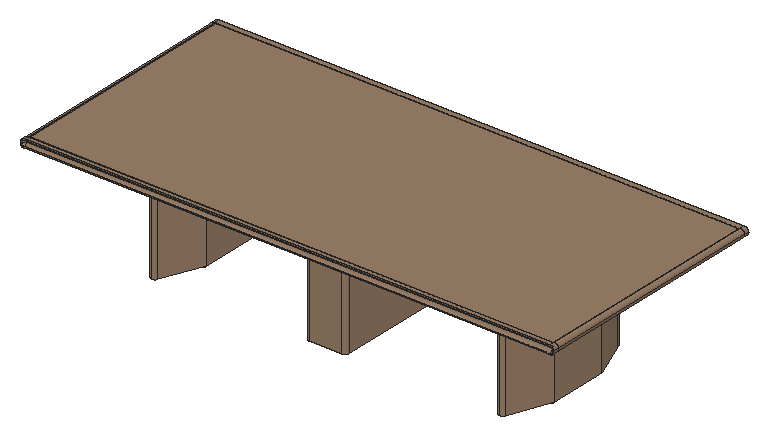
Revit family "Table-Teknion-CFTBCH_Figure_Table_Rectangular_Hexa_Panel_Base_Bullnose_Cove_Edge-R2023", category Furniture, Revit 2023 (continued)
Lines and regions (in)
  symbolic lines, style "FurnitureHiddenLines", detail levels fine
    curve 311: arc (38.59057, -7.06461, 0) -> (39.09057, -7.56461, 0) -> (39.59057, -7.06461, 0) r 0.5
    curve 312: arc (43.5, -15.5, 0) -> (43, -15, 0) -> (42.5, -15.5, 0) r 0.5
    curve 313: arc (42.5, -15.5, 0) -> (43, -16, 0) -> (43.5, -15.5, 0) r 0.5
  symbolic lines, style "FurnitureHiddenLines", visible <- "2D - Hexa Panel", detail levels fine
    curve 314: arc (-0.5, 15.5, 0) -> (0, 16, 0) -> (0.5, 15.5, 0) r 0.5
    curve 315: arc (0.5, 15.5, 0) -> (0, 15, 0) -> (-0.5, 15.5, 0) r 0.5
    curve 316: arc (-4.40943, 7.06461, 0) -> (-3.90943, 7.56461, 0) -> (-3.40943, 7.06461, 0) r 0.5
    curve 317: arc (-3.40943, 7.06461, 0) -> (-3.90943, 6.56461, 0) -> (-4.40943, 7.06461, 0) r 0.5
    curve 318: arc (3.40943, 7.06461, 0) -> (3.90943, 7.56461, 0) -> (4.40943, 7.06461, 0) r 0.5
    curve 319: arc (4.40943, 7.06461, 0) -> (3.90943, 6.56461, 0) -> (3.40943, 7.06461, 0) r 0.5
    curve 320: arc (-3.40943, -7.06461, 0) -> (-3.90943, -6.56461, 0) -> (-4.40943, -7.06461, 0) r 0.5
    curve 321: arc (-4.40943, -7.06461, 0) -> (-3.90943, -7.56461, 0) -> (-3.40943, -7.06461, 0) r 0.5
    curve 322: arc (4.40943, -7.06461, 0) -> (3.90943, -6.56461, 0) -> (3.40943, -7.06461, 0) r 0.5
    curve 323: arc (3.40943, -7.06461, 0) -> (3.90943, -7.56461, 0) -> (4.40943, -7.06461, 0) r 0.5
    curve 324: arc (0.5, -15.5, 0) -> (0, -15, 0) -> (-0.5, -15.5, 0) r 0.5
    curve 325: arc (-0.5, -15.5, 0) -> (0, -16, 0) -> (0.5, -15.5, 0) r 0.5
  symbolic lines, style "FurnitureHiddenLines", visible <- "N - No Central Base", detail levels medium+fine
    curve 326: line (39.90516, 12, 0) -> (-39.90516, 12, 0)
    curve 327: line (39.47442, 10.932, 0) -> (-39.47442, 10.932, 0)
    curve 328: line (38.69521, 9, 0) -> (-38.69521, 9, 0)
    curve 329: line (-38.26447, 7.932, 0) -> (38.26447, 7.932, 0)
    curve 330: line (38.26447, -7.932, 0) -> (-38.26447, -7.932, 0)
    curve 331: line (38.69521, -9, 0) -> (-38.69521, -9, 0)
    curve 332: line (-39.47442, -10.932, 0) -> (39.47442, -10.932, 0)
    curve 333: line (39.90516, -12, 0) -> (-39.90516, -12, 0)
  symbolic lines, style "FurnitureHiddenLines", visible <- "H - Hexa Panel", detail levels medium+fine
    curve 350: line (39.90516, 12, 0) -> (3.09484, 12, 0)
    curve 351: line (39.47442, 10.932, 0) -> (3.52558, 10.932, 0)
    curve 352: line (38.69521, 9, 0) -> (4.30479, 9, 0)
    curve 353: line (-38.26447, 7.932, 0) -> (-4.73553, 7.932, 0)
    curve 354: line (38.26447, -7.932, 0) -> (4.73553, -7.932, 0)
    curve 355: line (38.69521, -9, 0) -> (4.30479, -9, 0)
    curve 356: line (-39.47442, -10.932, 0) -> (-3.52558, -10.932, 0)
    curve 357: line (39.90516, -12, 0) -> (3.09484, -12, 0)
    curve 358: line (-3.09484, -12, 0) -> (-39.90516, -12, 0)
    curve 359: line (3.52558, -10.932, 0) -> (39.47442, -10.932, 0)
    curve 360: line (-4.30479, -9, 0) -> (-38.69521, -9, 0)
    curve 361: line (-4.73553, -7.932, 0) -> (-38.26447, -7.932, 0)
    curve 362: line (4.73553, 7.932, 0) -> (38.26447, 7.932, 0)
    curve 363: line (-4.30479, 9, 0) -> (-38.69521, 9, 0)
    curve 364: line (-3.52558, 10.932, 0) -> (-39.47442, 10.932, 0)
    curve 365: line (-3.09484, 12, 0) -> (-39.90516, 12, 0)
Dimensions and locks (in)
  "Width": plane 4 "Left" to plane 5 "Right"
  "Depth": plane 6 "Back" to plane 7 "Front"
  locked: plane 8 "Top" to level at 29
  equal spacing: plane 6 "Back", plane 1 "Center Front/Back", plane 7 "Front"
  equal spacing: plane 4 "Left", plane 3 "Center Left/Right", plane 5 "Right"
  locked: plane 6 "Back" to Sweep 1 sketch curve at 1.25
  locked: plane 7 "Front" to Sweep 1 sketch curve at 1.25
  Sweep 1 sketch curve to Sweep 1 sketch curve to plane 5 "Right" = 0.250" locked, 1.000" locked
  plane 8 "Top" to Sweep 1 sketch curve to Sweep 1 sketch curve = 1.000" locked, 1.000" locked  (x2)
  Sweep 1 sketch curve to Sweep 1 sketch curve to plane 4 "Left" = 0.250" locked, 1.000" locked
  locked: plane 8 "Top" to Sweep 2 sketch curve at 2
  locked: plane 4 "Left" to Sweep 2 sketch curve at 1.25
  locked: plane 6 "Back" to Sweep 2 sketch curve at 1.25
  locked: plane 7 "Front" to Sweep 2 sketch curve at 1.25
  locked: Sweep 2 sketch curve to plane 5 "Right" at 1.25
  plane 8 "Top" to Sweep 3 sketch curve to Sweep 3 sketch curve = 1.500" locked, 1.000" locked
  locked: plane 4 "Left" to Sweep 3 sketch curve at 6
  locked: plane 7 "Front" to Sweep 3 sketch curve at 6
  locked: plane 6 "Back" to Sweep 3 sketch curve at 6
  locked: Sweep 3 sketch curve to plane 5 "Right" at 6
  Sweep 4 sketch curve to Sweep 4 sketch curve to plane 8 "Top" = 0.750" locked, 1.500" locked
  locked: plane 4 "Left" to Sweep 4 sketch curve at 8
  locked: Sweep 4 sketch curve to plane 5 "Right" at 8
  locked: plane 6 "Back" to Sweep 4 sketch curve at 8
  locked: plane 7 "Front" to Sweep 4 sketch curve at 8
  locked: plane 4 "Left" to Sweep 5 sketch curve at 23
  locked: Sweep 5 sketch curve to plane 5 "Right" at 23
  Sweep 5 sketch curve to Sweep 5 sketch curve to Sweep 5 sketch curve to Sweep 5 sketch curve = 1.068" locked, 1.932" locked, 1.068" locked  (x2)
  plane 8 "Top" to Sweep 5 sketch curve to Sweep 5 sketch curve = 2.250" locked, 8.000" locked
  Sweep 6 sketch curve to Sweep 6 sketch curve to plane 8 "Top" = 14.000" locked, 2.000" locked
  locked: plane 4 "Left" to plane 9 at 23
  locked: plane 10 to plane 5 "Right" at 23
  "Dim 1": plane 9 to plane 11
  "Dim 1": plane 12 to plane 10
  locked: Sweep 7 sketch curve to plane 2 at 14
  "Cut - Central Base - Hexa": Sweep 7 sketch curve to Sweep 7 sketch curve
  Sweep 7 sketch curve to Sweep 7 sketch curve to plane 3 "Center Left/Right" to Sweep 7 sketch curve to Sweep 7 sketch curve = 2.31906" locked, 2.68094" locked, 2.68094" locked, 2.31906" locked  (x2)
  plane 7 "Front" to Sweep 7 sketch curve to Sweep 7 sketch curve = 16.97375" locked, 5.750" locked
  plane 6 "Back" to Sweep 7 sketch curve to Sweep 7 sketch curve = 16.97375" locked, 5.750" locked
  locked: plane 7 "Front" to Sweep 8 sketch curve at 1.25
  locked: Sweep 8 sketch curve to plane 4 "Left" at 1
  locked: plane 8 "Top" to Sweep 8 sketch curve at 2
  locked: Sweep 8 sketch curve to plane 5 "Right" at 1
  locked: plane 6 "Back" to Sweep 9 sketch curve at 1.25
  locked: plane 8 "Top" to Sweep 9 sketch curve at 2
  locked: Sweep 9 sketch curve to plane 5 "Right" at 1
  locked: Sweep 9 sketch curve to plane 4 "Left" at 1
  equal spacing: plane 4 "Left", plane 13, plane 14, plane 5 "Right"
  locked: plane 8 "Top" to plane 15 at 1
  plane 4 "Left" to Revolve 10 sketch curve to Revolve 10 sketch curve = 0.1875" locked, 0.8125" locked
  Revolve 10 sketch curve to Revolve 10 sketch curve to plane 5 "Right" = 0.8125" locked, 0.1875" locked
  locked: plane 7 "Front" to Revolve 10 sketch curve at 0.8125
  locked: plane 6 "Back" to Revolve 11 sketch curve at 0.8125
  plane 4 "Left" to Revolve 11 sketch curve to Revolve 11 sketch curve = 0.1875" locked, 0.8125" locked
  Revolve 11 sketch curve to Revolve 11 sketch curve to plane 5 "Right" = 0.8125" locked, 0.1875" locked
  locked: plane 8 "Top" to Sweep 12 sketch curve at 5.5
  "Cut - WK - 2 & 3 AF": Sweep 12 sketch curve to Sweep 12 sketch curve
  Sweep 12 sketch curve to Sweep 12 sketch curve to plane 11 to Sweep 12 sketch curve to Sweep 12 sketch curve = 0.500" locked, 8.25004" locked, 8.24996" locked, 0.500" locked
  Sweep 12 sketch curve to Sweep 12 sketch curve to plane 1 "Center Front/Back" to Sweep 12 sketch curve to Sweep 12 sketch curve = 0.500" locked, 3.250" locked, 3.250" locked, 0.500" locked  (x2)
  Sweep 12 sketch curve to Sweep 12 sketch curve to plane 12 to Sweep 12 sketch curve to Sweep 12 sketch curve = 0.500" locked, 8.25004" locked, 8.24996" locked, 0.500" locked
  locked: plane 8 "Top" to Sweep 13 sketch curve at 5.5
  "Cut - WK - 1 & 3 AF": Sweep 13 sketch curve to Sweep 13 sketch curve
  Sweep 13 sketch curve to Sweep 13 sketch curve to plane 3 "Center Left/Right" to Sweep 13 sketch curve to Sweep 13 sketch curve = 0.500" locked, 8.250" locked, 8.250" locked, 0.500" locked
  Sweep 13 sketch curve to Sweep 13 sketch curve to plane 1 "Center Front/Back" to Sweep 13 sketch curve to Sweep 13 sketch curve = 0.500" locked, 3.250" locked, 3.250" locked, 0.500" locked
  locked: Sweep 14 sketch curve to plane 8 "Top" at 2.5
  "Cut - WK - 2 & 3 AF": Sweep 14 sketch curve to Sweep 14 sketch curve
  Sweep 14 sketch curve to Sweep 14 sketch curve to plane 11 to Sweep 14 sketch curve to Sweep 14 sketch curve = 0.3937" locked, 5.52367" locked, 5.52358" locked, 0.3937" locked
  Sweep 14 sketch curve to Sweep 14 sketch curve to plane 1 "Center Front/Back" to Sweep 14 sketch curve to Sweep 14 sketch curve = 0.3937" locked, 2.29921" locked, 2.29921" locked, 0.3937" locked  (x2)
  Sweep 14 sketch curve to Sweep 14 sketch curve to plane 12 to Sweep 14 sketch curve to Sweep 14 sketch curve = 0.3937" locked, 5.52358" locked, 5.52367" locked, 0.3937" locked
  locked: Sweep 15 sketch curve to plane 8 "Top" at 2.5
  "Cut - WK - 1 & 3 AF": Sweep 15 sketch curve to Sweep 15 sketch curve
  Sweep 15 sketch curve to Sweep 15 sketch curve to plane 1 "Center Front/Back" to Sweep 15 sketch curve to Sweep 15 sketch curve = 0.3937" locked, 2.29921" locked, 2.29921" locked, 0.3937" locked
  Sweep 15 sketch curve to Sweep 15 sketch curve to plane 3 "Center Left/Right" to Sweep 15 sketch curve to Sweep 15 sketch curve = 0.3937" locked, 5.52362" locked, 5.52362" locked, 0.3937" locked
  "Cut - Central Base - Softened": Sweep 16 sketch curve to Sweep 16 sketch curve
  locked: plane 8 "Top" to Sweep 16 sketch curve at 14
  Sweep 16 sketch curve to plane 1 "Center Front/Back" to Sweep 16 sketch curve = 13.93709" locked, 13.93709" locked
  Sweep 16 sketch curve to plane 3 "Center Left/Right" to Sweep 16 sketch curve = 5.000" locked, 5.000" locked
  "Dim 2": plane 7 "Front" to Sweep 5 sketch curve
  "Dim 2": Sweep 5 sketch curve to plane 6 "Back"
  "Dim 2": plane 6 "Back" to Sweep 6 sketch curve
  locked: Sweep 6 sketch curve to Sweep 6 sketch curve at 4.068  (x4)
  plane 9 to Sweep 6 sketch curve to Sweep 6 sketch curve = 3.09484" locked, 1.64068" locked  (x2)
  "Dim 2": Sweep 6 sketch curve to plane 7 "Front"
  plane 10 to Sweep 6 sketch curve to Sweep 6 sketch curve = 3.09484" locked, 1.64068" locked  (x2)
  "Dim 2": Sweep 6 sketch curve to plane 6 "Back"
  "Dim 2": plane 7 "Front" to Sweep 6 sketch curve
  aligned and locked: level to plane 2
  aligned and locked: Sweep 1 sketch curve to plane 3 "Center Left/Right"
  aligned and locked: Sweep 1 sketch curve to plane 8 "Top"
  aligned and locked: plane 8 "Top" to Sweep 1 sketch curve
  aligned and locked: Sweep 2 sketch curve to plane 3 "Center Left/Right"
  aligned and locked: plane 8 "Top" to Sweep 2 sketch curve
  aligned and locked: Sweep 3 sketch curve to plane 3 "Center Left/Right"
  aligned and locked: Sweep 4 sketch curve to plane 3 "Center Left/Right"
  aligned and locked: plane 1 "Center Front/Back" to Sweep 5 sketch curve
  aligned and locked: Sweep 5 sketch curve to Sweep 5 sketch curve  (x2)
  aligned and locked: Sweep 6 sketch curve to plane 3 "Center Left/Right"
  aligned and locked: plane 1 "Center Front/Back" to nested 1
  aligned and locked: plane 1 "Center Front/Back" to nested 2
  aligned and locked: plane 9 to nested 2
  aligned and locked: nested 1 to plane 10
  aligned and locked: plane 3 "Center Left/Right" to nested 3
  aligned and locked: plane 1 "Center Front/Back" to nested 3
  aligned and locked: nested 3 to Sweep 7 sketch curve
  aligned and locked: plane 3 "Center Left/Right" to Sweep 8 sketch curve
  aligned and locked: plane 7 "Front" to Sweep 8 sketch curve
  aligned and locked: plane 8 "Top" to Sweep 8 sketch curve
  aligned and locked: plane 4 "Left" to Sweep 8 sketch curve
  aligned and locked: plane 5 "Right" to Sweep 8 sketch curve
  aligned and locked: Sweep 9 sketch curve to plane 3 "Center Left/Right"
  aligned and locked: plane 6 "Back" to Sweep 9 sketch curve
  aligned and locked: plane 8 "Top" to Sweep 9 sketch curve
  aligned and locked: plane 5 "Right" to Sweep 9 sketch curve
  aligned and locked: plane 4 "Left" to Sweep 9 sketch curve
  aligned and locked: plane 7 "Front" to Revolve 10 sketch curve  (x2)
  aligned and locked: plane 6 "Back" to Revolve 11 sketch curve
  aligned and locked: Revolve 11 sketch curve to plane 6 "Back"
  aligned and locked: Sweep 12 sketch curve to plane 3 "Center Left/Right"
  aligned and locked: plane 3 "Center Left/Right" to Sweep 13 sketch curve
  aligned and locked: plane 11 to nested 5
  aligned and locked: plane 3 "Center Left/Right" to nested 6
  aligned and locked: nested 4 to plane 12
  aligned and locked: plane 8 "Top" to nested 5
  aligned and locked: plane 8 "Top" to nested 6
  aligned and locked: plane 8 "Top" to nested 4
  aligned and locked: Sweep 14 sketch curve to plane 3 "Center Left/Right"
  aligned and locked: plane 3 "Center Left/Right" to Sweep 15 sketch curve
  aligned and locked: plane 3 "Center Left/Right" to Sweep 16 sketch curve
  aligned and locked: plane 1 "Center Front/Back" to nested 5
  aligned and locked: plane 1 "Center Front/Back" to nested 6
  aligned and locked: plane 1 "Center Front/Back" to nested 4
  aligned and locked: plane 3 "Center Left/Right" to nested 7
  aligned and locked: plane 1 "Center Front/Back" to nested 7
  aligned and locked: Sweep 6 sketch curve to nested 2
  aligned and locked: plane 9 to Sweep 6 sketch curve
  aligned and locked: curve 1 to plane 8 "Top"
  aligned and locked: curve 4 to Sweep 1
  aligned and locked: cut or joined group of Sweep 8, Revolve 10 to plane 7 "Front"  (x2)
  aligned and locked: plane 7 "Front" to curve 2
  aligned and locked: plane 15 to curve 2
  aligned and locked: plane 7 "Front" to curve 5
  aligned and locked: plane 6 "Back" to curve 8
  aligned and locked: plane 6 "Back" to curve 7
  aligned and locked: Sweep 1 to curve 6
  aligned and locked: plane 15 to curve 9
  aligned and locked: plane 6 "Back" to curve 9
  aligned and locked: curve 10 to curve 4
  aligned and locked: curve 11 to curve 5
  aligned and locked: curve 12 to curve 3
  aligned and locked: curve 13 to curve 1
  aligned and locked: curve 14 to curve 2
  aligned and locked: curve 15 to curve 8
  aligned and locked: curve 16 to curve 6
  aligned and locked: curve 17 to curve 7
  aligned and locked: curve 18 to curve 9
  aligned and locked: curve 19 to curve 6
  aligned and locked: curve 20 to curve 7
  aligned and locked: curve 21 to curve 8
  aligned and locked: curve 22 to curve 1
  aligned and locked: curve 23 to curve 9
  aligned and locked: curve 24 to curve 3
  aligned and locked: curve 25 to curve 2
  aligned and locked: curve 26 to curve 5
  aligned and locked: curve 27 to curve 4
  aligned and locked: Sweep 14 to curve 28
  aligned and locked: curve 29 to Sweep 14
  aligned and locked: curve 30 to plane 8 "Top"
  aligned and locked: curve 31 to plane 8 "Top"
  aligned and locked: plane 4 "Left" to Masking region 1 sketch curve
  aligned and locked: plane 5 "Right" to Masking region 1 sketch curve
  aligned and locked: Masking region 1 sketch curve to plane 6 "Back"
  aligned and locked: Masking region 1 sketch curve to plane 7 "Front"
  aligned and locked: plane 5 "Right" to Masking region 2 sketch curve
  aligned and locked: plane 7 "Front" to Masking region 2 sketch curve
  aligned and locked: Masking region 2 sketch curve to plane 4 "Left"
  aligned and locked: Masking region 2 sketch curve to plane 6 "Back"
  aligned and locked: Masking region 2 sketch curve to nested 6  (x4)
  aligned and locked: Masking region 3 sketch curve to plane 6 "Back"
  aligned and locked: plane 7 "Front" to Masking region 3 sketch curve
  aligned and locked: plane 5 "Right" to Masking region 3 sketch curve
  aligned and locked: Masking region 3 sketch curve to plane 4 "Left"
  aligned and locked: Masking region 3 sketch curve to nested 5  (x4)
  aligned and locked: Masking region 3 sketch curve to nested 4  (x4)
  aligned and locked: Masking region 4 sketch curve to plane 6 "Back"
  aligned and locked: plane 7 "Front" to Masking region 4 sketch curve
  aligned and locked: plane 5 "Right" to Masking region 4 sketch curve
  aligned and locked: Masking region 4 sketch curve to plane 4 "Left"
  aligned and locked: Masking region 4 sketch curve to nested 5  (x4)
  aligned and locked: Masking region 4 sketch curve to nested 6  (x4)
  aligned and locked: Masking region 4 sketch curve to nested 4  (x4)
  aligned and locked: Masking region 5 sketch curve to nested 5  (x12)
  aligned and locked: nested 5 to Masking region 5 sketch curve  (x5)
  aligned and locked: Masking region 5 sketch curve to nested 4  (x14)
  aligned and locked: nested 4 to Masking region 5 sketch curve  (x6)
  aligned and locked: Masking region 6 sketch curve to nested 6  (x14)
  aligned and locked: nested 6 to Masking region 6 sketch curve  (x5)
  aligned and locked: nested 3 to Masking region 7 sketch curve  (x2)
  aligned and locked: Masking region 7 sketch curve to nested 6
  aligned and locked: nested 6 to Masking region 7 sketch curve  (x3)
  aligned and locked: Masking region 7 sketch curve to nested 3  (x2)
  aligned and locked: Sweep 16 to Masking region 8 sketch curve  (x2)
  aligned and locked: nested 6 to Masking region 8 sketch curve  (x7)
  aligned and locked: Masking region 8 sketch curve to nested 7  (x4)
  aligned and locked: Masking region 8 sketch curve to Sweep 16  (x2)
  aligned and locked: Masking region 8 sketch curve to nested 6
  aligned and locked: nested 6 to Masking region 9 sketch curve  (x8)
  aligned and locked: nested 7 to Masking region 9 sketch curve  (x4)
  aligned and locked: Masking region 9 sketch curve to Sweep 16  (x4)
  aligned and locked: curve 32 to nested 5
  aligned and locked: curve 33 to nested 5
  aligned and locked: curve 34 to nested 5
  aligned and locked: curve 35 to nested 5
  aligned and locked: curve 36 to nested 6
  aligned and locked: curve 37 to nested 6
  aligned and locked: curve 38 to nested 6
  aligned and locked: curve 39 to nested 6
  aligned and locked: curve 40 to nested 4
  aligned and locked: curve 41 to nested 4
  aligned and locked: curve 42 to nested 4
  aligned and locked: curve 43 to nested 4
  aligned and locked: curve 45 to nested 5
  aligned and locked: curve 47 to nested 5
  aligned and locked: curve 49 to nested 5
  aligned and locked: curve 51 to nested 5
  aligned and locked: curve 52 to nested 5
  aligned and locked: curve 53 to nested 5
  aligned and locked: curve 54 to nested 5
  aligned and locked: curve 55 to nested 5
  aligned and locked: curve 56 to nested 5
  aligned and locked: curve 57 to nested 5
  aligned and locked: curve 58 to nested 5
  aligned and locked: curve 59 to nested 5
  aligned and locked: curve 60 to nested 5
  aligned and locked: curve 61 to nested 5
  aligned and locked: curve 62 to nested 5
  aligned and locked: curve 63 to nested 5
  aligned and locked: curve 64 to nested 5
  aligned and locked: curve 65 to nested 5
  aligned and locked: curve 66 to nested 5
  aligned and locked: curve 67 to nested 5
  aligned and locked: curve 68 to nested 5
  aligned and locked: curve 69 to nested 5
  aligned and locked: curve 70 to nested 5
  aligned and locked: curve 71 to nested 5
  aligned and locked: curve 73 to nested 6
  aligned and locked: curve 75 to nested 6
  aligned and locked: curve 77 to nested 6
  aligned and locked: curve 79 to nested 6
  aligned and locked: curve 80 to nested 6
  aligned and locked: curve 81 to nested 6
  aligned and locked: curve 82 to nested 6
  aligned and locked: curve 83 to nested 6
  aligned and locked: curve 84 to nested 6
  aligned and locked: curve 85 to nested 6
  aligned and locked: curve 86 to nested 6
  aligned and locked: curve 87 to nested 6
  aligned and locked: curve 88 to nested 6
  aligned and locked: curve 89 to nested 6
  aligned and locked: curve 90 to nested 6
  aligned and locked: curve 91 to nested 6
  aligned and locked: curve 92 to nested 6
  aligned and locked: curve 93 to nested 6
  aligned and locked: curve 94 to nested 6
  aligned and locked: curve 95 to nested 6
  aligned and locked: curve 96 to nested 6
  aligned and locked: curve 97 to nested 6
  aligned and locked: curve 98 to nested 6
  aligned and locked: curve 99 to nested 6
  aligned and locked: curve 101 to nested 4
  aligned and locked: curve 103 to nested 4
  aligned and locked: curve 105 to nested 4
  aligned and locked: curve 107 to nested 4
  aligned and locked: curve 108 to nested 4
  aligned and locked: curve 109 to nested 4
  aligned and locked: curve 110 to nested 4
  aligned and locked: curve 111 to nested 4
  aligned and locked: curve 112 to nested 4
  aligned and locked: curve 113 to nested 4
  aligned and locked: curve 114 to nested 4
  aligned and locked: curve 115 to nested 4
  aligned and locked: curve 116 to nested 4
  aligned and locked: curve 117 to nested 4
  aligned and locked: curve 118 to nested 4
  aligned and locked: curve 119 to nested 4
  aligned and locked: curve 120 to nested 4
  aligned and locked: curve 121 to nested 4
  aligned and locked: curve 122 to nested 4
  aligned and locked: curve 123 to nested 4
  aligned and locked: curve 124 to nested 4
  aligned and locked: curve 125 to nested 4
  aligned and locked: curve 126 to nested 4
  aligned and locked: curve 127 to nested 4
  aligned and locked: curve 129 to Sweep 14
  aligned and locked: curve 131 to Sweep 14
  aligned and locked: curve 133 to Sweep 14
  aligned and locked: curve 135 to Sweep 14
  aligned and locked: curve 137 to Sweep 15
  aligned and locked: curve 139 to Sweep 15
  aligned and locked: curve 141 to Sweep 15
  aligned and locked: curve 143 to Sweep 15
  aligned and locked: curve 145 to Sweep 14
  aligned and locked: curve 147 to Sweep 14
  aligned and locked: curve 149 to Sweep 14
  aligned and locked: curve 151 to Sweep 14
  aligned and locked: curve 152 to cut or joined group of Sweep 2, Sweep 3, Sweep 4, Sweep 12, Sweep 13, Sweep 14, Sweep 15
  aligned and locked: curve 153 to Sweep 1
  aligned and locked: curve 154 to cut or joined group of Sweep 2, Sweep 3, Sweep 4, Sweep 12, Sweep 13, Sweep 14, Sweep 15
  aligned and locked: curve 155 to Sweep 1
  aligned and locked: curve 156 to cut or joined group of Sweep 2, Sweep 3, Sweep 4, Sweep 12, Sweep 13, Sweep 14, Sweep 15
  aligned and locked: curve 157 to cut or joined group of Sweep 2, Sweep 3, Sweep 4, Sweep 12, Sweep 13, Sweep 14, Sweep 15
  aligned and locked: curve 158 to cut or joined group of Sweep 2, Sweep 3, Sweep 4, Sweep 12, Sweep 13, Sweep 14, Sweep 15
  aligned and locked: curve 159 to cut or joined group of Sweep 2, Sweep 3, Sweep 4, Sweep 12, Sweep 13, Sweep 14, Sweep 15
  aligned and locked: curve 160 to cut or joined group of Sweep 2, Sweep 3, Sweep 4, Sweep 12, Sweep 13, Sweep 14, Sweep 15
  aligned and locked: curve 161 to cut or joined group of Sweep 2, Sweep 3, Sweep 4, Sweep 12, Sweep 13, Sweep 14, Sweep 15
  aligned and locked: curve 162 to cut or joined group of Sweep 2, Sweep 3, Sweep 4, Sweep 12, Sweep 13, Sweep 14, Sweep 15
  aligned and locked: curve 163 to cut or joined group of Sweep 2, Sweep 3, Sweep 4, Sweep 12, Sweep 13, Sweep 14, Sweep 15
  aligned and locked: curve 165 to nested 7
  aligned and locked: curve 167 to nested 7
  aligned and locked: curve 169 to nested 7
  aligned and locked: curve 171 to nested 7
  aligned and locked: curve 172 to nested 7
  aligned and locked: curve 173 to nested 7
  aligned and locked: curve 174 to nested 7
  aligned and locked: curve 175 to nested 7
  aligned and locked: curve 179 to nested 7
  aligned and locked: curve 180 to nested 7
  aligned and locked: curve 181 to nested 7
  aligned and locked: curve 182 to nested 7
  aligned and locked: curve 184 to nested 7
  aligned and locked: curve 185 to nested 7
  aligned and locked: curve 186 to nested 7
  aligned and locked: curve 187 to nested 7
  aligned and locked: curve 188 to nested 7
  aligned and locked: curve 189 to nested 7
  aligned and locked: curve 190 to nested 7
  aligned and locked: curve 191 to nested 7
  aligned and locked: curve 192 to nested 7
  aligned and locked: curve 193 to nested 7
  aligned and locked: curve 194 to nested 7
  aligned and locked: curve 195 to nested 7
  aligned and locked: curve 198 to nested 7
  aligned and locked: curve 199 to nested 7
  aligned and locked: curve 200 to nested 7
  aligned and locked: curve 201 to nested 7
  aligned and locked: curve 202 to nested 7
  aligned and locked: curve 203 to nested 7
  aligned and locked: curve 204 to nested 7
  aligned and locked: curve 205 to nested 7
  aligned and locked: curve 206 to nested 7
  aligned and locked: curve 207 to nested 7
  aligned and locked: curve 208 to nested 7
  aligned and locked: curve 209 to nested 7
  aligned and locked: curve 210 to nested 7
  aligned and locked: curve 211 to nested 7
  aligned and locked: curve 212 to nested 7
  aligned and locked: curve 213 to nested 7
  aligned and locked: curve 215 to Sweep 12
  aligned and locked: curve 217 to Sweep 12
  aligned and locked: curve 219 to Sweep 12
  aligned and locked: curve 221 to Sweep 12
  aligned and locked: curve 223 to Sweep 12
  aligned and locked: curve 225 to Sweep 12
  aligned and locked: curve 227 to Sweep 12
  aligned and locked: curve 229 to Sweep 12
  aligned and locked: curve 231 to Sweep 13
  aligned and locked: curve 233 to Sweep 13
  aligned and locked: curve 235 to Sweep 13
  aligned and locked: curve 237 to Sweep 13
  aligned and locked: curve 238 to plane 6 "Back"
  aligned and locked: plane 7 "Front" to curve 239
  aligned and locked: curve 240 to plane 4 "Left"
  aligned and locked: plane 5 "Right" to curve 241
  aligned and locked: curve 242 to nested 2
  aligned and locked: curve 243 to nested 2
  aligned and locked: curve 244 to nested 2
  aligned and locked: curve 245 to nested 2
  aligned and locked: curve 246 to nested 2
  aligned and locked: curve 247 to nested 2
  aligned and locked: curve 248 to nested 2
  aligned and locked: curve 249 to nested 2
  aligned and locked: curve 250 to nested 1
  aligned and locked: curve 251 to nested 1
  aligned and locked: curve 252 to nested 1
  aligned and locked: curve 253 to nested 1
  aligned and locked: curve 254 to nested 1
  aligned and locked: curve 255 to nested 1
  aligned and locked: curve 256 to nested 1
  aligned and locked: curve 257 to nested 1
  aligned and locked: curve 258 to nested 3
  aligned and locked: curve 259 to nested 3
  aligned and locked: curve 260 to nested 3
  aligned and locked: curve 261 to nested 3
  aligned and locked: curve 262 to nested 3
  aligned and locked: curve 263 to nested 3
  aligned and locked: curve 264 to nested 3
  aligned and locked: curve 265 to nested 3
  aligned and locked: curve 266 to nested 2
  aligned and locked: curve 267 to nested 2
  aligned and locked: curve 268 to nested 2
  aligned and locked: curve 269 to nested 2
  aligned and locked: curve 270 to nested 2
  aligned and locked: curve 271 to nested 2
  aligned and locked: curve 272 to nested 2
  aligned and locked: curve 273 to nested 2
  aligned and locked: curve 274 to nested 3
  aligned and locked: curve 275 to nested 3
  aligned and locked: curve 276 to nested 3
  aligned and locked: curve 277 to nested 3
  aligned and locked: curve 278 to nested 3
  aligned and locked: curve 279 to nested 3
  aligned and locked: curve 280 to nested 3
  aligned and locked: curve 281 to nested 3
  aligned and locked: curve 282 to nested 1
  aligned and locked: curve 283 to nested 1
  aligned and locked: curve 284 to nested 1
  aligned and locked: curve 285 to nested 1
  aligned and locked: curve 286 to nested 1
  aligned and locked: curve 287 to nested 1
  aligned and locked: curve 288 to nested 1
  aligned and locked: curve 289 to nested 1
  aligned and locked: curve 290 to nested 2
  aligned and locked: curve 291 to nested 2
  aligned and locked: curve 292 to nested 2
  aligned and locked: curve 293 to nested 2
  aligned and locked: curve 294 to nested 2
  aligned and locked: curve 295 to nested 2
  aligned and locked: curve 296 to nested 2
  aligned and locked: curve 297 to nested 2
  aligned and locked: curve 298 to nested 2
  aligned and locked: curve 299 to nested 2
  aligned and locked: curve 300 to nested 2
  aligned and locked: curve 301 to nested 2
  aligned and locked: curve 302 to nested 1
  aligned and locked: curve 303 to nested 1
  aligned and locked: curve 304 to nested 1
  aligned and locked: curve 305 to nested 1
  aligned and locked: curve 306 to nested 1
  aligned and locked: curve 307 to nested 1
  aligned and locked: curve 308 to nested 1
  aligned and locked: curve 309 to nested 1
  aligned and locked: curve 310 to nested 1
  aligned and locked: curve 311 to nested 1
  aligned and locked: curve 312 to nested 1
  aligned and locked: curve 313 to nested 1
  aligned and locked: curve 314 to nested 3
  aligned and locked: curve 315 to nested 3
  aligned and locked: curve 316 to nested 3
  aligned and locked: curve 317 to nested 3
  aligned and locked: curve 318 to nested 3
  aligned and locked: curve 319 to nested 3
  aligned and locked: curve 320 to nested 3
  aligned and locked: curve 321 to nested 3
  aligned and locked: curve 322 to nested 3
  aligned and locked: curve 323 to nested 3
  aligned and locked: curve 324 to nested 3
  aligned and locked: curve 325 to nested 3
  aligned and locked: curve 326 to cut or joined group of Sweep 5, Sweep 6, Sweep 7, Sweep 16
  aligned and locked: curve 327 to cut or joined group of Sweep 5, Sweep 6, Sweep 7, Sweep 16
  aligned and locked: curve 328 to cut or joined group of Sweep 5, Sweep 6, Sweep 7, Sweep 16
  aligned and locked: curve 329 to cut or joined group of Sweep 5, Sweep 6, Sweep 7, Sweep 16
  aligned and locked: curve 330 to cut or joined group of Sweep 5, Sweep 6, Sweep 7, Sweep 16
  aligned and locked: curve 331 to cut or joined group of Sweep 5, Sweep 6, Sweep 7, Sweep 16
  aligned and locked: curve 332 to cut or joined group of Sweep 5, Sweep 6, Sweep 7, Sweep 16
  aligned and locked: curve 333 to cut or joined group of Sweep 5, Sweep 6, Sweep 7, Sweep 16
  aligned and locked: curve 334 to cut or joined group of Sweep 5, Sweep 6, Sweep 7, Sweep 16
  aligned and locked: curve 335 to cut or joined group of Sweep 5, Sweep 6, Sweep 7, Sweep 16
  aligned and locked: curve 336 to cut or joined group of Sweep 5, Sweep 6, Sweep 7, Sweep 16
  aligned and locked: curve 337 to cut or joined group of Sweep 5, Sweep 6, Sweep 7, Sweep 16
  aligned and locked: curve 338 to cut or joined group of Sweep 5, Sweep 6, Sweep 7, Sweep 16
  aligned and locked: curve 339 to cut or joined group of Sweep 5, Sweep 6, Sweep 7, Sweep 16
  aligned and locked: curve 340 to cut or joined group of Sweep 5, Sweep 6, Sweep 7, Sweep 16
  aligned and locked: curve 341 to cut or joined group of Sweep 5, Sweep 6, Sweep 7, Sweep 16
  aligned and locked: cut or joined group of Sweep 5, Sweep 6, Sweep 7, Sweep 16 to curve 349
  aligned and locked: cut or joined group of Sweep 5, Sweep 6, Sweep 7, Sweep 16 to curve 347
  aligned and locked: cut or joined group of Sweep 5, Sweep 6, Sweep 7, Sweep 16 to curve 346
  aligned and locked: cut or joined group of Sweep 5, Sweep 6, Sweep 7, Sweep 16 to curve 348
  aligned and locked: cut or joined group of Sweep 5, Sweep 6, Sweep 7, Sweep 16 to curve 342
  aligned and locked: cut or joined group of Sweep 5, Sweep 6, Sweep 7, Sweep 16 to curve 343
  aligned and locked: cut or joined group of Sweep 5, Sweep 6, Sweep 7, Sweep 16 to curve 344
  aligned and locked: cut or joined group of Sweep 5, Sweep 6, Sweep 7, Sweep 16 to curve 345
  aligned and locked: curve 350 to cut or joined group of Sweep 5, Sweep 6, Sweep 7, Sweep 16
  aligned and locked: curve 351 to cut or joined group of Sweep 5, Sweep 6, Sweep 7, Sweep 16
  aligned and locked: curve 352 to cut or joined group of Sweep 5, Sweep 6, Sweep 7, Sweep 16
  aligned and locked: curve 353 to cut or joined group of Sweep 5, Sweep 6, Sweep 7, Sweep 16
  aligned and locked: curve 354 to cut or joined group of Sweep 5, Sweep 6, Sweep 7, Sweep 16
  aligned and locked: curve 355 to cut or joined group of Sweep 5, Sweep 6, Sweep 7, Sweep 16
  aligned and locked: curve 356 to cut or joined group of Sweep 5, Sweep 6, Sweep 7, Sweep 16
  aligned and locked: curve 357 to cut or joined group of Sweep 5, Sweep 6, Sweep 7, Sweep 16
  aligned and locked: cut or joined group of Sweep 5, Sweep 6, Sweep 7, Sweep 16 to curve 358
  aligned and locked: cut or joined group of Sweep 5, Sweep 6, Sweep 7, Sweep 16 to curve 359
  aligned and locked: cut or joined group of Sweep 5, Sweep 6, Sweep 7, Sweep 16 to curve 360
  aligned and locked: cut or joined group of Sweep 5, Sweep 6, Sweep 7, Sweep 16 to curve 361
  aligned and locked: cut or joined group of Sweep 5, Sweep 6, Sweep 7, Sweep 16 to curve 362
  aligned and locked: cut or joined group of Sweep 5, Sweep 6, Sweep 7, Sweep 16 to curve 363
  aligned and locked: cut or joined group of Sweep 5, Sweep 6, Sweep 7, Sweep 16 to curve 364
  aligned and locked: cut or joined group of Sweep 5, Sweep 6, Sweep 7, Sweep 16 to curve 365
  aligned and locked: plane 3 "Center Left/Right" to nested 8
  aligned and locked: plane 1 "Center Front/Back" to nested 8
Automatic sketch dimensions
  Sweep 1 sketch curve to Sweep 1 sketch curve = 0.000"  (x2)
  Sweep 8 sketch curve to Sweep 8 sketch curve = 0.000"  (x2)
  Sweep 9 sketch curve to Sweep 9 sketch curve = 0.000"  (x2)
  Revolve 10 sketch curve to plane 4 "Left" = 0.000"
  Revolve 10 sketch curve to plane 5 "Right" = 0.000"
  Revolve 11 sketch curve to plane 4 "Left" = 0.000"
  Revolve 11 sketch curve to plane 5 "Right" = 0.000"
  Sweep 6 sketch curve to Sweep 6 sketch curve = 3.09484"  (x2)
  curve 6 to curve 7 = 0.1875"
  curve 3 to plane 8 "Top" = 0.1875"
  curve 4 to plane 7 "Front" = 1.250"
  curve 6 to plane 6 "Back" = 1.250"
  curve 10 to curve 10 = 1.250"
  curve 16 to plane 6 "Back" = 1.250"
  curve 26 to curve 27 = 1.250"
  curve 19 to plane 6 "Back" = 1.250"
  curve 8 to plane 8 "Top" = 0.000"
  plane 1 "Center Front/Back" to curve 1 = 2.69291"
  curve 30 to plane 6 "Back" = 0.000"
  curve 28 to plane 15 = 0.500"
  curve 29 to plane 15 = 1.000"
  curve 34 to curve 35 = 0.07208"
  curve 32 to curve 51 = 0.000"
  curve 45 to curve 35 = 0.000"
  curve 35 to curve 46 = 0.000"
  curve 32 to curve 49 = 0.000"
  curve 32 to curve 33 = 0.07208"
  curve 33 to curve 53 = 0.29867"
  curve 52 to curve 33 = 0.29867"
  curve 34 to curve 65 = 0.29724"
  curve 64 to curve 34 = 0.29724"
  curve 73 to curve 39 = 0.000"
  curve 78 to curve 36 = 0.000"  (x2)
  curve 39 to curve 74 = 0.000"
  curve 37 to curve 82 = 0.29867"
  curve 80 to curve 37 = 0.29867"
  curve 38 to curve 90 = 0.29724"
  curve 92 to curve 38 = 0.29724"
  curve 101 to curve 43 = 0.000"
  curve 106 to curve 40 = 0.000"
  curve 103 to curve 43 = 0.000"
  curve 40 to curve 105 = 0.000"
  curve 41 to curve 109 = 0.29867"
  curve 109 to curve 41 = 0.29867"
  curve 42 to curve 118 = 0.29724"
  curve 120 to curve 42 = 0.29724"
  curve 154 to plane 5 "Right" = 0.000"
  curve 155 to plane 7 "Front" = 1.250"
  curve 152 to plane 5 "Right" = 0.000"
  curve 155 to plane 6 "Back" = 1.250"
  curve 152 to plane 4 "Left" = 0.000"
  curve 153 to plane 6 "Back" = 1.250"
  curve 154 to plane 4 "Left" = 0.000"
  curve 153 to plane 7 "Front" = 1.250"
  curve 198 to curve 187 = 0.000"
  curve 198 to curve 186 = 0.000"
  curve 199 to curve 181 = 0.000"
  curve 199 to curve 182 = 0.000"
  curve 200 to curve 182 = 0.000"
  curve 206 to curve 206 = 0.000"
  curve 167 to curve 206 = 0.354"
  curve 165 to curve 208 = 0.354"
  curve 209 to curve 208 = 0.000"
  curve 211 to curve 210 = 0.000"
  curve 211 to curve 171 = 0.354"
  curve 213 to curve 169 = 0.354"
  curve 212 to curve 213 = 0.000"
  curve 342 to plane 3 "Center Left/Right" = 5.000"
  plane 3 "Center Left/Right" to curve 335 = 5.000"
  curve 336 to curve 345 = 0.000"
  plane 3 "Center Left/Right" to curve 341 = 5.000"
  plane 3 "Center Left/Right" to curve 334 = 5.000"
  curve 343 to curve 342 = 0.000"
  plane 3 "Center Left/Right" to curve 336 = 5.000"
  curve 337 to curve 260 = 0.000"
  plane 3 "Center Left/Right" to curve 339 = 5.000"
  curve 338 to curve 339 = 0.000"
  curve 340 to curve 347 = 0.000"
  curve 349 to curve 340 = 0.000"
  curve 348 to curve 341 = 0.000"
  curve 349 to curve 358 = 1.90516"
  curve 346 to curve 361 = 0.26447"
  curve 344 to curve 363 = 0.69521"
Nested families (in)
  nested 1: "Hexa Panel" at (43, 0, 0), Panel Width <- "Panel Width", Base Finish <- "Base Finish", Glide Finish <- "Glide Finish", type "Hexa Panel"
    with To render please download texture images found here "https://assets.teknion.com/web/5e81352c1dfdb467/revit-material-swatches/", Panel Width 36.000", How To Use Teknion Materials User Guide "https://assets.teknion.com/m/205dd0a49fa58060/original/How-to-add-a-Material-Library-and-Texture-Images-to-your-Revit-project.pdf", Glide Finish Paint - Teknion - Foundation - Sand, For Additional Finishes please visit "https://assets.teknion.com/m/44a8009b046e5d47/original/Teknion_Materials_Library.zip", Base Finish Veneer-Teknion-LX-Natural_Veneer_V3-Sierra_Flat_Cut
  nested 2: "Hexa Panel" at (-43, 0, 0), Panel Width <- "Panel Width", Base Finish <- "Base Finish", Glide Finish <- "Glide Finish", type "Hexa Panel"
    with To render please download texture images found here "https://assets.teknion.com/web/5e81352c1dfdb467/revit-material-swatches/", Panel Width 36.000", How To Use Teknion Materials User Guide "https://assets.teknion.com/m/205dd0a49fa58060/original/How-to-add-a-Material-Library-and-Texture-Images-to-your-Revit-project.pdf", Glide Finish Paint - Teknion - Foundation - Sand, For Additional Finishes please visit "https://assets.teknion.com/m/44a8009b046e5d47/original/Teknion_Materials_Library.zip", Base Finish Veneer-Teknion-LX-Natural_Veneer_V3-Sierra_Flat_Cut
  nested 3: "Hexa Panel" at (0, 0, 0), Panel Width <- "Panel Width", visible <- "2D - Hexa Panel", Base Finish <- "Base Finish", Glide Finish <- "Glide Finish", type "Hexa Panel"
    with To render please download texture images found here "https://assets.teknion.com/web/5e81352c1dfdb467/revit-material-swatches/", Panel Width 36.000", How To Use Teknion Materials User Guide "https://assets.teknion.com/m/205dd0a49fa58060/original/How-to-add-a-Material-Library-and-Texture-Images-to-your-Revit-project.pdf", Glide Finish Paint - Teknion - Foundation - Sand, For Additional Finishes please visit "https://assets.teknion.com/m/44a8009b046e5d47/original/Teknion_Materials_Library.zip", Base Finish Veneer-Teknion-LX-Natural_Veneer_V3-Sierra_Flat_Cut
  nested 4: "12 Inch Standard Recessed Access Door" at (-1326, 150, -0.06), Finish <- "Power Cover Finish", visible <- "Power - 2 & 3", type "12 Inch Compact Recessed Access Door"
    with To render please download texture images found here "https://assets.teknion.com/web/5e81352c1dfdb467/revit-material-swatches/", How To Use Teknion Materials User Guide "https://assets.teknion.com/m/205dd0a49fa58060/original/How-to-add-a-Material-Library-and-Texture-Images-to-your-Revit-project.pdf", For Additional Finishes please visit "https://assets.teknion.com/m/44a8009b046e5d47/original/Teknion_Materials_Library.zip", Finish Paint - Teknion - Foundation - Sand
  nested 5: "12 Inch Standard Recessed Access Door" at (-1374, 150, -0.06), Finish <- "Power Cover Finish", visible <- "Power - 2 & 3", type "12 Inch Compact Recessed Access Door"
    with To render please download texture images found here "https://assets.teknion.com/web/5e81352c1dfdb467/revit-material-swatches/", How To Use Teknion Materials User Guide "https://assets.teknion.com/m/205dd0a49fa58060/original/How-to-add-a-Material-Library-and-Texture-Images-to-your-Revit-project.pdf", For Additional Finishes please visit "https://assets.teknion.com/m/44a8009b046e5d47/original/Teknion_Materials_Library.zip", Finish Paint - Teknion - Foundation - Sand
  nested 6: "12 Inch Standard Recessed Access Door" at (-1350, 150, -0.06), Finish <- "Power Cover Finish", visible <- "Power - 1 & 3", type "12 Inch Compact Recessed Access Door"
    with To render please download texture images found here "https://assets.teknion.com/web/5e81352c1dfdb467/revit-material-swatches/", How To Use Teknion Materials User Guide "https://assets.teknion.com/m/205dd0a49fa58060/original/How-to-add-a-Material-Library-and-Texture-Images-to-your-Revit-project.pdf", For Additional Finishes please visit "https://assets.teknion.com/m/44a8009b046e5d47/original/Teknion_Materials_Library.zip", Finish Paint - Teknion - Foundation - Sand
  nested 7: "Softened Panel" at (0, 0, 0), Panel Width <- "Panel Width", visible <- "S - Softened Panel", Base Finish <- "Base Finish", Glide Finish <- "Glide Finish", type "Softened Panel"
    with To render please download texture images found here "https://assets.teknion.com/web/5e81352c1dfdb467/revit-material-swatches/", Panel Width 36.000", How To Use Teknion Materials User Guide "https://assets.teknion.com/m/205dd0a49fa58060/original/How-to-add-a-Material-Library-and-Texture-Images-to-your-Revit-project.pdf", Glide Finish Paint - Teknion - Foundation - Sand, For Additional Finishes please visit "https://assets.teknion.com/m/44a8009b046e5d47/original/Teknion_Materials_Library.zip", Cut 3 0.300", Cut 2 0.300", Cut 1 15.000", Base Finish Veneer-Teknion-LX-Natural_Veneer_V3-Sierra_Flat_Cut, 2D - 36W yes, 2D - 30W no
  nested 8: "Teknion_2D_Node_Family-R2016" at (0, 0, 0), type "Teknion_2D_Node_Family-R2016"
Definition of nested family "Hexa Panel"
  Parameters (values of type "Hexa Panel")
    Warranty = "http://www.teknion.com/ca/papers/legal-canada"
    Unit Weight URL = "http://www.teknion.com/ca/tools/assets#&asset=bee6a381-b954-425e-8283-5a2de3a804f2,f828d448-4b62-4231-9e5f-9a8991c0ed77"
    URL = "www.teknion.com"
    To render please download texture images found here [instance] = "https://assets.teknion.com/web/5e81352c1dfdb467/revit-material-swatches/"
    Sustainability Data = "https://www.teknion.com/ca/tools/assets#&topic=216f99a5-57a0-44fc-b10a-9dee9b29ae4c&asset=444deb64-fe58-4b68-981e-f75e97781df7,b4ff2d81-9f2e-437d-9659-7cffb09c31cf"
    Series = ""
    Product Page URL = ""
    Product Line = ""
    Product Documentation Link = ""
    Part Number = ""
    Panel Width [instance] = 36.000"
    Model = ""
    Manufacturer Phone = "416-661-3370"  # constant formula
    Manufacturer Fax = "416.661.4586"  # constant formula
    Manufacturer Contact Information = "http://www.teknion.com/ca/contactus"
    Manufacturer Address = "1150 Flint Road, Toronto, ON. M3J 2J5. Canada"  # constant formula
    Manufacturer = "Teknion"  # constant formula
    How To Use Teknion Materials User Guide [instance] = "https://assets.teknion.com/m/205dd0a49fa58060/original/How-to-add-a-Material-Library-and-Texture-Images-to-your-Revit-project.pdf"
    Glide Finish [instance] = none
    For Additional Finishes please visit [instance] = "https://assets.teknion.com/m/44a8009b046e5d47/original/Teknion_Materials_Library.zip"
    Description = "Hexa Panel"
    Default Elevation = 0.000"
    Base Finish [instance] = none
    Assembly Code = "E2020200"
  Reference planes (in)
    plane 1 "Center Front/Back": y = 0
    plane 2: z = 0
    plane 3 "Center Left/Right": x = 0
    plane 4 "Left": x = -5
    plane 5 "Right": x = 5
    plane 6 "Back": y = 18
    plane 7 "Front": y = -18
    plane 8 "Top": z = 26.75
    plane 9 "1": y = -15.5
    plane 10 "2": y = -7.06461
    plane 11 "4": y = 15.5
    plane 12 "3": y = 7.06461
    plane 13: z = 0.5
  Forms (in)
    Sweep 1, solid, material <- "Base Finish"
      path origin (0, 0, 0) x (1, 0, 0) y (0, 0, 1)
        loop
          line (0, 26.75) -> (0, 0.5)
      profile origin (0, 0, 13.625) x (0, -1, 0) y (1, 0, 0)
        loop
          line (-7.27625, 5) -> (-17.37404, 0.92741)
          arc (-17.37404, 0.92741) -> (-17.82887, 0.55945) -> (-18, 0) r 1
          arc (-18, 0) -> (-17.82887, -0.55945) -> (-17.37404, -0.92741) r 1
          line (-17.37404, -0.92741) -> (-7.27625, -5) -> (7.27625, -5) -> (17.37404, -0.92741)
          arc (17.37404, -0.92741) -> (17.82887, -0.55945) -> (18, 0) r 1
          arc (18, 0) -> (17.82887, 0.55945) -> (17.37404, 0.92741) r 1
          line (17.37404, 0.92741) -> (7.27625, 5) -> (-7.27625, 5)
    Sweep 2, void
      path origin (0, 0, 0) x (1, 0, 0) y (0, 0, 1)
        loop
          line (0, 26) -> (0, 1.25)
      profile origin (0, 0, 13.625) x (0, -1, 0) y (1, 0, 0)
        loop
          line (-7.25333, -4.88189) -> (7.25333, -4.88189) -> (17.13189, -0.89772) -> (17.13189, 0.89772) -> (7.25333, 4.88189) -> (-7.25333, 4.88189) -> (-17.13189, 0.89772) -> (-17.13189, -0.89772) -> (-7.25333, -4.88189)
    Sweep 3, void
      path origin (0, 0, 0) x (1, 0, 0) y (0, 0, 1)
        loop
          line (0, 28.75) -> (0, -2.25)
      profile origin (0, 0, 13.25) x (0, -1, 0) y (1, 0, 0)
        loop
          line (6.8652, -2.88189) -> (11.71124, -0.92741)
          arc (11.71124, -0.92741) -> (12.16607, -0.55945) -> (12.3372, 0) r 1
          arc (12.3372, 0) -> (12.16607, 0.55945) -> (11.71124, 0.92741) r 1
          line (11.71124, 0.92741) -> (6.8652, 2.88189) -> (-6.8652, 2.88189) -> (-11.71124, 0.92741)
          arc (-11.71124, 0.92741) -> (-12.16607, 0.55945) -> (-12.3372, 0) r 1
          arc (-12.3372, 0) -> (-12.16607, -0.55945) -> (-11.71124, -0.92741) r 1
          line (-11.71124, -0.92741) -> (-6.8652, -2.88189) -> (6.8652, -2.88189)
    Revolve 4, solid, material <- "Glide Finish"
      sketch origin (0, -15.5, 0) x (-1, 0, 0) y (0, 0, 1)
        loop
          line (0, 0.25) -> (0, 0) -> (0.5, 0) -> (0.5, 0.25) -> (0, 0.25)
        axis (0, 0.25) -> (0, 0)
      angle from 0 to 360
    Revolve 5, solid, material <- "Glide Finish"
      sketch origin (0, -7.06461, 0) x (-1, 0, 0) y (0, 0, 1)
        loop
          line (3.90943, 0.25) -> (3.90943, 0) -> (4.40943, 0) -> (4.40943, 0.25) -> (3.90943, 0.25)
        axis (3.90943, 0.25) -> (3.90943, 0)
      angle from 0 to 360
    Revolve 6, solid, material <- "Glide Finish"
      sketch origin (7.81887, -7.06461, 0) x (-1, 0, 0) y (0, 0, 1)
        loop
          line (3.90943, 0.25) -> (3.90943, 0) -> (4.40943, 0) -> (4.40943, 0.25) -> (3.90943, 0.25)
        axis (3.90943, 0.25) -> (3.90943, 0)
      angle from 0 to 360
    Revolve 7, solid, material <- "Glide Finish"
      sketch origin (0, 7.06461, 0) x (-1, 0, 0) y (0, 0, 1)
        loop
          line (3.90943, 0.25) -> (3.90943, 0) -> (4.40943, 0) -> (4.40943, 0.25) -> (3.90943, 0.25)
        axis (3.90943, 0.25) -> (3.90943, 0)
      angle from 0 to 360
    Revolve 8, solid, material <- "Glide Finish"
      sketch origin (0, 7.06461, 0) x (-1, 0, 0) y (0, 0, 1)
        loop
          line (-3.90943, 0.25) -> (-3.90943, 0) -> (-3.40943, 0) -> (-3.40943, 0.25) -> (-3.90943, 0.25)
        axis (-3.90943, 0.25) -> (-3.90943, 0)
      angle from 0 to 360
    Revolve 9, solid, material <- "Glide Finish"
      sketch origin (0, 15.5, 0) x (-1, 0, 0) y (0, 0, 1)
        loop
          line (0, 0.25) -> (0, 0) -> (0.5, 0) -> (0.5, 0.25) -> (0, 0.25)
        axis (0, 0.25) -> (0, 0)
      angle from 0 to 360
    Sweep 10, solid, material <- "Glide Finish"
      path origin (0, 0, 0) x (1, 0, 0) y (0, 0, 1)
        loop
          line (0, 0.5) -> (0, 0.25)
      profile origin (0, 0, 0.375) x (0, -1, 0) y (1, 0, 0)
        loop
          line (15.1875, -0.18042) -> (15.5, -0.36084) -> (15.8125, -0.18042) -> (15.8125, 0.18042) -> (15.5, 0.36084) -> (15.1875, 0.18042) -> (15.1875, -0.18042)
        loop
          line (6.75211, -4.08986) -> (7.06461, -4.27028) -> (7.37711, -4.08986) -> (7.37711, -3.72901) -> (7.06461, -3.54859) -> (6.75211, -3.72901) -> (6.75211, -4.08986)
        loop
          line (6.75211, 3.72901) -> (7.06461, 3.54859) -> (7.37711, 3.72901) -> (7.37711, 4.08986) -> (7.06461, 4.27028) -> (6.75211, 4.08986) -> (6.75211, 3.72901)
        loop
          line (-7.37711, 3.72901) -> (-7.06461, 3.54859) -> (-6.75211, 3.72901) -> (-6.75211, 4.08986) -> (-7.06461, 4.27028) -> (-7.37711, 4.08986) -> (-7.37711, 3.72901)
        loop
          line (-7.37711, -4.08986) -> (-7.06461, -4.27028) -> (-6.75211, -4.08986) -> (-6.75211, -3.72901) -> (-7.06461, -3.54859) -> (-7.37711, -3.72901) -> (-7.37711, -4.08986)
        loop
          line (-15.8125, -0.18042) -> (-15.5, -0.36084) -> (-15.1875, -0.18042) -> (-15.1875, 0.18042) -> (-15.5, 0.36084) -> (-15.8125, 0.18042) -> (-15.8125, -0.18042)
  Cuts and joins
    Sweep 2, Sweep 3 cuts Sweep 1
    joined: Revolve 4, Revolve 5, Revolve 6, Revolve 7, Revolve 8, Revolve 9, Sweep 10
  Lines and regions (in)
    symbolic lines, detail levels medium+fine
      curve 1: line (5, 7.27625, 0) -> (0.67495, 18, 0)
      curve 2: line (-0.67495, 18, 0) -> (-5, 7.27625, 0)
      curve 3: arc (0, 18, 0) -> (-0.55945, 17.82887, 0) -> (-0.92741, 17.37404, 0) r 1
      curve 4: arc (0.92741, 17.37404, 0) -> (0.55945, 17.82887, 0) -> (0, 18, 0) r 1
      curve 5: line (5, -7.27625, 0) -> (5, 7.27625, 0)
      curve 6: line (-5, 7.27625, 0) -> (-5, -7.27625, 0)
      curve 7: line (-5, -7.27625, 0) -> (-0.67495, -18, 0)
      curve 8: line (0.67495, -18, 0) -> (5, -7.27625, 0)
      curve 9: arc (0, -18, 0) -> (0.55945, -17.82887, 0) -> (0.92741, -17.37404, 0) r 1
      curve 10: arc (-0.92741, -17.37404, 0) -> (-0.55945, -17.82887, 0) -> (0, -18, 0) r 1
      curve 11: line (-0.89772, -17.13189, 0) -> (0.89772, -17.13189, 0)
      curve 12: line (-4.88189, -7.25333, 0) -> (-0.89772, -17.13189, 0)
      curve 13: line (0.89772, -17.13189, 0) -> (4.88189, -7.25333, 0)
      curve 14: line (-4.88189, 7.25333, 0) -> (-4.88189, -7.25333, 0)
      curve 15: line (4.88189, -7.25333, 0) -> (4.88189, 7.25333, 0)
      curve 16: line (0.89772, 17.13189, 0) -> (-0.89772, 17.13189, 0)
      curve 17: line (-0.89772, 17.13189, 0) -> (-4.88189, 7.25333, 0)
      curve 18: line (4.88189, 7.25333, 0) -> (0.89772, 17.13189, 0)
      curve 19: line (2.88189, -6.8652, 0) -> (2.88189, 6.8652, 0)
      curve 20: line (0.92741, -11.71124, 0) -> (2.88189, -6.8652, 0)
      curve 21: line (-2.88189, -6.8652, 0) -> (-0.92741, -11.71124, 0)
      curve 22: line (-2.88189, 6.8652, 0) -> (-2.88189, -6.8652, 0)
      curve 23: line (-0.92741, 11.71124, 0) -> (-2.88189, 6.8652, 0)
      curve 24: line (2.88189, 6.8652, 0) -> (0.92741, 11.71124, 0)
      curve 25: arc (0.92741, 11.71124, 0) -> (0.55945, 12.16607, 0) -> (0, 12.3372, 0) r 1
      curve 26: arc (0, 12.3372, 0) -> (-0.55945, 12.16607, 0) -> (-0.92741, 11.71124, 0) r 1
      curve 27: arc (0, -12.3372, 0) -> (0.55945, -12.16607, 0) -> (0.92741, -11.71124, 0) r 1
      curve 28: arc (-0.92741, -11.71124, 0) -> (-0.55945, -12.16607, 0) -> (0, -12.3372, 0) r 1
    symbolic lines, detail levels fine
      curve 29: line (0.18042, -15.1875, 0) -> (-0.18042, -15.1875, 0)
      curve 30: line (-0.18042, -15.1875, 0) -> (-0.36084, -15.5, 0)
      curve 31: line (-0.36084, -15.5, 0) -> (-0.18042, -15.8125, 0)
      curve 32: line (-0.18042, -15.8125, 0) -> (0.18042, -15.8125, 0)
      curve 33: line (0.18042, -15.8125, 0) -> (0.36084, -15.5, 0)
      curve 34: line (0.36084, -15.5, 0) -> (0.18042, -15.1875, 0)
      curve 35: line (-3.54859, -7.06461, 0) -> (-3.72901, -6.75211, 0)
      curve 36: line (-3.72901, -6.75211, 0) -> (-4.08986, -6.75211, 0)
      curve 37: line (-4.08986, -6.75211, 0) -> (-4.27028, -7.06461, 0)
      curve 38: line (-4.27028, -7.06461, 0) -> (-4.08986, -7.37711, 0)
      curve 39: line (-4.08986, -7.37711, 0) -> (-3.72901, -7.37711, 0)
      curve 40: line (-3.72901, -7.37711, 0) -> (-3.54859, -7.06461, 0)
      curve 41: line (4.08986, -6.75211, 0) -> (3.72901, -6.75211, 0)
      curve 42: line (3.72901, -6.75211, 0) -> (3.54859, -7.06461, 0)
      curve 43: line (3.54859, -7.06461, 0) -> (3.72901, -7.37711, 0)
      curve 44: line (3.72901, -7.37711, 0) -> (4.08986, -7.37711, 0)
      curve 45: line (4.08986, -7.37711, 0) -> (4.27028, -7.06461, 0)
      curve 46: line (4.27028, -7.06461, 0) -> (4.08986, -6.75211, 0)
      curve 47: line (4.08986, 7.37711, 0) -> (3.72901, 7.37711, 0)
      curve 48: line (3.72901, 7.37711, 0) -> (3.54859, 7.06461, 0)
      curve 49: line (3.54859, 7.06461, 0) -> (3.72901, 6.75211, 0)
      curve 50: line (3.72901, 6.75211, 0) -> (4.08986, 6.75211, 0)
      curve 51: line (4.08986, 6.75211, 0) -> (4.27028, 7.06461, 0)
      curve 52: line (4.27028, 7.06461, 0) -> (4.08986, 7.37711, 0)
      curve 53: line (-3.72901, 7.37711, 0) -> (-4.08986, 7.37711, 0)
      curve 54: line (-4.08986, 7.37711, 0) -> (-4.27028, 7.06461, 0)
      curve 55: line (-4.27028, 7.06461, 0) -> (-4.08986, 6.75211, 0)
      curve 56: line (-4.08986, 6.75211, 0) -> (-3.72901, 6.75211, 0)
      curve 57: line (-3.72901, 6.75211, 0) -> (-3.54859, 7.06461, 0)
      curve 58: line (-3.54859, 7.06461, 0) -> (-3.72901, 7.37711, 0)
      curve 59: line (0.36084, 15.5, 0) -> (0.18042, 15.8125, 0)
      curve 60: line (0.18042, 15.8125, 0) -> (-0.18042, 15.8125, 0)
      curve 61: line (-0.18042, 15.8125, 0) -> (-0.36084, 15.5, 0)
      curve 62: line (-0.36084, 15.5, 0) -> (-0.18042, 15.1875, 0)
      curve 63: line (-0.18042, 15.1875, 0) -> (0.18042, 15.1875, 0)
      curve 64: line (0.18042, 15.1875, 0) -> (0.36084, 15.5, 0)
      curve 65: arc (-0.5, 15.5, 0) -> (0, 16, 0) -> (0.5, 15.5, 0) r 0.5
      curve 66: arc (0.5, 15.5, 0) -> (0, 15, 0) -> (-0.5, 15.5, 0) r 0.5
      curve 67: arc (3.40943, 7.06461, 0) -> (3.90943, 7.56461, 0) -> (4.40943, 7.06461, 0) r 0.5
      curve 68: arc (4.40943, 7.06461, 0) -> (3.90943, 6.56461, 0) -> (3.40943, 7.06461, 0) r 0.5
      curve 69: arc (-4.40943, 7.06461, 0) -> (-3.90943, 7.56461, 0) -> (-3.40943, 7.06461, 0) r 0.5
      curve 70: arc (-3.40943, 7.06461, 0) -> (-3.90943, 6.56461, 0) -> (-4.40943, 7.06461, 0) r 0.5
      curve 71: arc (-3.40943, -7.06461, 0) -> (-3.90943, -6.56461, 0) -> (-4.40943, -7.06461, 0) r 0.5
      curve 72: arc (-4.40943, -7.06461, 0) -> (-3.90943, -7.56461, 0) -> (-3.40943, -7.06461, 0) r 0.5
      curve 73: arc (4.40943, -7.06461, 0) -> (3.90943, -6.56461, 0) -> (3.40943, -7.06461, 0) r 0.5
      curve 74: arc (3.40943, -7.06461, 0) -> (3.90943, -7.56461, 0) -> (4.40943, -7.06461, 0) r 0.5
      curve 75: arc (0.5, -15.5, 0) -> (0, -15, 0) -> (-0.5, -15.5, 0) r 0.5
      curve 76: arc (-0.5, -15.5, 0) -> (0, -16, 0) -> (0.5, -15.5, 0) r 0.5
      curve 78: line (-0.67495, -18, 0) -> (0.67495, -18, 0)
    model lines, detail levels medium+fine
      curve 77: line (-0.67495, 18, 0) -> (0.67495, 18, 0)
  Dimensions and locks (in)
    plane 4 "Left" to plane 5 "Right" = 10.000"
    "Panel Width": plane 6 "Back" to plane 7 "Front"
    locked: plane 8 "Top" to level at 26.75
    equal spacing: plane 6 "Back", plane 1 "Center Front/Back", plane 7 "Front"
    equal spacing: plane 4 "Left", plane 3 "Center Left/Right", plane 5 "Right"
    plane 6 "Back" to plane 11 "4" to plane 12 "3" = 2.500" locked, 8.43539" locked
    plane 7 "Front" to plane 9 "1" to plane 10 "2" = 2.500" locked, 8.43539" locked
    locked: plane 13 to plane 2 at 0.5
    plane 7 "Front" to Sweep 1 sketch curve to Sweep 1 sketch curve to Sweep 1 sketch curve to Sweep 1 sketch curve to Sweep 1 sketch curve = 0.62596" locked, 0.000" locked, 0.37404" locked, 9.72375" locked, 0.000" locked
    plane 6 "Back" to Sweep 1 sketch curve to Sweep 1 sketch curve to Sweep 1 sketch curve to Sweep 1 sketch curve to Sweep 1 sketch curve = 0.62596" locked, 0.000" locked, 0.37404" locked, 9.72375" locked, 0.000" locked
    locked: Sweep 2 sketch curve to plane 13 at 0.75
    locked: plane 8 "Top" to Sweep 2 sketch curve at 0.75
    plane 4 "Left" to Sweep 2 sketch curve to Sweep 2 sketch curve to Sweep 2 sketch curve = 0.11811" locked, 3.98417" locked, 0.000" locked
    Sweep 2 sketch curve to Sweep 2 sketch curve to Sweep 2 sketch curve to plane 5 "Right" = 0.000" locked, 3.98417" locked, 0.11811" locked
    plane 6 "Back" to Sweep 2 sketch curve to Sweep 2 sketch curve to Sweep 2 sketch curve = 0.86811" locked, 9.87856" locked, 0.000" locked
    plane 7 "Front" to Sweep 2 sketch curve to Sweep 2 sketch curve to Sweep 2 sketch curve = 0.86811" locked, 9.87856" locked, 0.000" locked
    locked: Sweep 3 sketch curve to plane 8 "Top" at 2
    locked: plane 2 to Sweep 3 sketch curve at 2.25
    plane 7 "Front" to Sweep 3 sketch curve to Sweep 3 sketch curve to Sweep 3 sketch curve to Sweep 3 sketch curve to Sweep 3 sketch curve = 6.28876" locked, 0.000" locked, 0.37404" locked, 4.47199" locked, 0.000" locked
    plane 4 "Left" to Sweep 3 sketch curve to Sweep 3 sketch curve = 2.11811" locked, 1.95448" locked
    Sweep 3 sketch curve to Sweep 3 sketch curve to plane 5 "Right" = 1.95448" locked, 2.11811" locked
    locked: plane 4 "Left" to Sweep 3 sketch curve at 4.07259
    locked: Sweep 3 sketch curve to plane 5 "Right" at 4.07259
    plane 6 "Back" to Sweep 3 sketch curve to Sweep 3 sketch curve to Sweep 3 sketch curve to Sweep 3 sketch curve to Sweep 3 sketch curve = 6.28876" locked, 0.000" locked, 0.37404" locked, 4.47199" locked, 0.000" locked
    locked: plane 4 "Left" to Sweep 1 sketch curve at 4.07259  (x2)
    locked: Sweep 1 sketch curve to plane 5 "Right" at 4.07259  (x2)
    locked: Revolve 4 sketch curve to plane 2 at 0.25
    locked: plane 3 "Center Left/Right" to Revolve 4 sketch curve at 0.5
    locked: Revolve 5 sketch curve to plane 2 at 0.25
    Revolve 5 sketch curve to Revolve 5 sketch curve to plane 4 "Left" = 0.500" locked, 0.59057" locked
    locked: plane 4 "Left" to Revolve 5 sketch curve at 1.09057
    locked: Revolve 6 sketch curve to plane 2 at 0.25
    Revolve 6 sketch curve to Revolve 6 sketch curve to plane 5 "Right" = 0.500" locked, 1.09057" locked
    locked: Revolve 6 sketch curve to plane 5 "Right" at 1.09057
    Revolve 7 sketch curve to Revolve 7 sketch curve to plane 4 "Left" = 0.500" locked, 0.59057" locked
    locked: Revolve 7 sketch curve to plane 2 at 0.25
    locked: plane 4 "Left" to Revolve 7 sketch curve at 1.09057
    locked: Revolve 9 sketch curve to plane 2 at 0.25
    locked: plane 3 "Center Left/Right" to Revolve 9 sketch curve at 0.5
    locked: Revolve 8 sketch curve to plane 2 at 0.25
    Revolve 8 sketch curve to Revolve 8 sketch curve to plane 5 "Right" = 0.500" locked, 1.09057" locked
    locked: Revolve 8 sketch curve to plane 5 "Right" at 1.09057
    locked: Sweep 10 sketch curve to plane 2 at 0.25
    Sweep 10 sketch curve to Sweep 10 sketch curve to Sweep 10 sketch curve to plane 3 "Center Left/Right" to Sweep 10 sketch curve to Sweep 10 sketch curve to Sweep 10 sketch curve = 0.18042" locked, 0.000" locked, 0.18042" locked, 0.18042" locked, 0.000" locked, 0.18042" locked  (x2)
    Sweep 10 sketch curve to plane 9 "1" to Sweep 10 sketch curve = 0.3125" locked, 0.3125" locked
